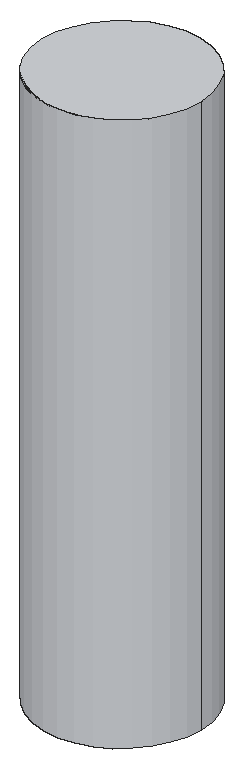
Revit family "M_Sprinkler - Suporte em pé", category Sprinklers, Revit 2019
Family settings
  Manter orientação da anotação = Sim
  Cota do conector redondo = Usar raio
  Tipo de parte = Normal
  Número OmniClass = 23.65.70.17.11.24
  Título OmniClass = Fire Fighting Sprinkler Heads
  ID de item do Seek = Sprinkler - Upright-0000-CAN-ENU
  Com base no plano de trabalho = Não
  Sempre na vertical = Sim
  Corte com vazios quando carregada = Não
  Compartilhado = Não
  Ponto de cálculo do ambiente = Não
Parameters (values of type "Suporte em pé de 15 mm")
  Classificação de temperatura = 57 °C
  Símbolo [instance] = M_Sprinkler - Símbolo - Suporte em pé : Sprinkler - Símbolo - Suporte em pé
  Resposta = Padrão
  Queda de pressão [instance] = 48300.0 Pa
  Classe de pressão = Padrão
  Comprimento total = 60 mm
  Tamanho do orifício = 13 mm
  Orifício = Padrão
  Fator-K = 81
  Fluxo [instance] = 2.0 L/s
  Cobertura = Padrão
  Diâmetro nominal = Raio nominal * 2  # 15 mm
  Raio nominal = 7.5 mm
  CEL = 7 mm
  Assembly Code = ""
Types (8, lengths in mm): name | Símbolo | Queda de pressão | Comprimento total | Tamanho do orifício | Fator-K | Fluxo | Diâmetro nominal | Raio nominal | CEL
  Suporte em pé de 15 mm | M_Sprinkler - Símbolo - Suporte em pé : Sprinkler - Símbolo - Suporte em pé | 48300.0 Pa | 60 | 13 | 81 | 2.0 L/s | 15 | 7.5 | 7
  Suporte em pé na mola de 15 mm | M_Sprinkler - Símbolo - Suporte em pé na mola : Sprinkler - Símbolo - Suporte em pé na mola | 48300.0 Pa | 60 | 13 | 81 | 2.0 L/s | 15 | 7.5 | 7
  Suporte em pé na mola de 15 mm com protetor | M_Sprinkler - Símbolo - Suporte em pé na mola com protetor : Sprinkler - Símbolo - Suporte em pé na mola com protetor | 48300.0 Pa | 60 | 13 | 81 | 2.0 L/s | 15 | 7.5 | 7
  Suporte em pé de 15 mm com protetor | M_Sprinkler - Símbolo - Suporte em pé com protetor : Sprinkler - Símbolo - Suporte em pé com protetor | 48300.0 Pa | 60 | 13 | 81 | 2.0 L/s | 15 | 7.5 | 7
  Suporte em pé de 20 mm | M_Sprinkler - Símbolo - Suporte em pé : Sprinkler - Símbolo - Suporte em pé | 96500.0 Pa | 64 | 14 | 115 | 3.0 L/s | 20 | 10 | 10
  Suporte em pé na mola de 20 mm | M_Sprinkler - Símbolo - Suporte em pé na mola : Sprinkler - Símbolo - Suporte em pé na mola | 96500.0 Pa | 64 | 14 | 115 | 3.0 L/s | 20 | 10 | 10
  Suporte em pé na mola de 20 mm com protetor | M_Sprinkler - Símbolo - Suporte em pé na mola com protetor : Sprinkler - Símbolo - Suporte em pé na mola com protetor | 96500.0 Pa | 64 | 14 | 115 | 3.0 L/s | 20 | 10 | 10
  Suporte em pé de 20 mm com protetor | M_Sprinkler - Símbolo - Suporte em pé com protetor : Sprinkler - Símbolo - Suporte em pé com protetor | 96500.0 Pa | 64 | 14 | 115 | 3.0 L/s | 20 | 10 | 10
Reference planes
  plane 1 "Centro (Frente/Trás)": y = 0
  plane 2: z = 0
  plane 3 "Centro (Esquerda/Direita)": x = 0
  plane 4: z = 53
  plane 5: z = -7
Forms (mm)
  Extrusion 1, solid
    sketch origin (0, 0, 0) x (1, 0, 0) y (0, 1, 0)
      loop
        circle (0, 0) r 7.5
    from 0 to 53
Dimensions and locks
  "Comprimento total": plane 4 to plane 5
  "CEL": level to plane 5
  "Raio nominal": radius of Extrusion 1 sketch curve
  aligned and locked: plane 4 to Extrusion 1
  aligned and locked: Extrusion 1 to level
Automatic sketch dimensions
  Extrusion 1 sketch curve to plane 1 "Centro (Frente/Trás)" = 0 mm
  Extrusion 1 sketch curve to plane 3 "Centro (Esquerda/Direita)" = 0 mm
Nested families
  nested 1: "M_Sprinkler - Símbolo - Suporte em pé" at (0, 0, 0), type <- "Símbolo", type "Sprinkler - Símbolo - Suporte em pé"
Connectors
  piping at (0, 0, 0), diameter 15, driven by "Raio nominal", driven by "Fluxo", driven by "Queda de pressão"
    settings: on Extrusion 1, index 1, connector inside diameter 15 mm, connector length 0 mm, flow factor 0, pipe flow 2.0 L/s, pressure drop 48300.0 Pa, fitting loss kfactor 0, connector angle 0.00°, fixture units 0, engagement length 0 mm, angle of deflection 0.00°, flow configuration 1, flow direction 1, fitting loss method 4, system type 23, joint type 0, gender type 0, connector reference index -1, connector utility 0, adjustable connector no, is connector primary yes, connector description "In"
Definition of nested family "M_Sprinkler - Símbolo - Suporte em pé"
  Parameters
    Raio do símbolo = 0.5 * Diâmetro do símbolo  # 1 mm
    Diâmetro do símbolo = 2 mm
  Reference planes
    plane 1: y = 0
    plane 2: x = 0
  Lines and regions (mm)
    detail lines
      curve 1: circle (0, 0, 0) r 1 normal (0, 0, 1)
  Dimensions and locks
    "Raio do símbolo": radius of curve 1
  Automatic sketch dimensions
    curve 1 to plane 1 = 0 mm
    curve 1 to plane 2 = 0 mm
